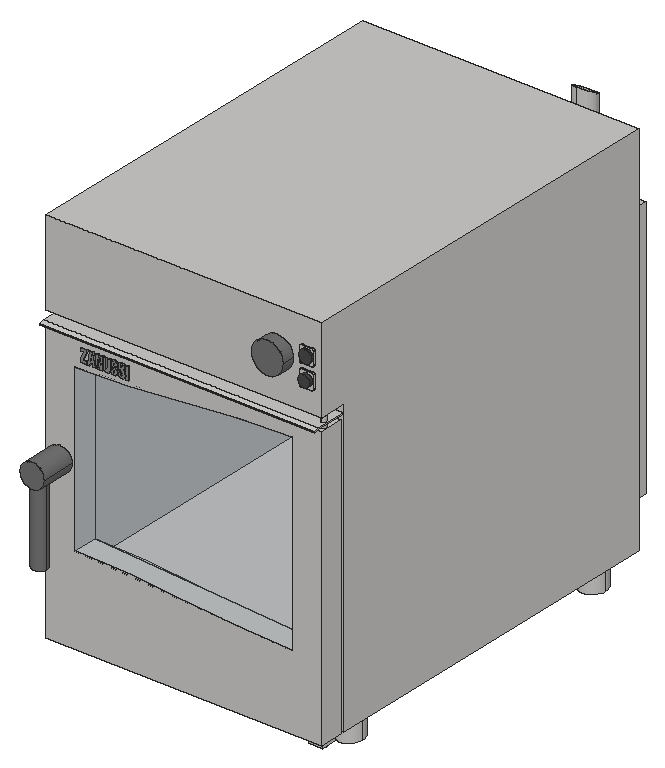
Revit family "QF_ZANUSSI_240009_ZCD061R", category Specialty Equipment, Revit 2018
Family settings
  Round Connector Dimension = Use Diameter
  Part Type = Normal
  Work Plane-Based = No
  Always vertical = Yes
  Cut with Voids When Loaded = No
  Shared = Yes
  Room Calculation Point = No
Parameters (values of type "268252_ELECTR. COMBI OVEN 10 GN1/1 B LW-400V MAR")
  Weight = 14.8137 lbm
  Watts = 0 W
  Volts = 380 V
  URL Manufacturer = "https://www.zanussiprofessional.com/"
  URL = "https://www.zanussiprofessional.com/"
  Steam Supply Size = 0"
  Steam Supply Minimum Pressure = 0.00 psi
  Steam Supply Maximum Pressure = 0.00 psi
  Steam Pounds per Hour = 0
  Show Logo [instance] = yes
  Refrigeration Suction Line Size = 0"
  Refrigeration Liquid Line Size = 0"
  Refrigerant Compressor Remote = yes
  Phase = 0
  Model = "ZCD061R"
  Manufacturer = "Zanussi"
  Length Actual = 519.00 mm  # constant formula
  Item Number = "240009"
  Hot Water Size = 3/4"
  Height Actual = 770.00 mm  # constant formula
  HP = "9.3 HP"
  Gas Size = 0"
  Gas KW = 0
  Gas Input Pressure = 0.0 Btu/h
  Direct Waste Size = 1.5748"
  Description = "COMPACT 6GN1/1 EL. DIGITAL OVEN - W/O CLEANING - RIGHT HINGED DOOR"
  Show Clearance [instance] = yes
  Depth Actual = 803.00 mm  # constant formula
  Cycle = 0 Hz
  Condensate Return Size = 0"
  Compressed Air Volume = 0 GPM
  Compressed Air Size = 0"
  Compressed Air Pressure = 0.00 psi
  Cold Water Size = 0"
  Assembly Code = ""
  Accessory = yes
Reference planes
  plane 1 "BACK": y = -93.694
  plane 2: z = 0
  plane 3 "LEFT": x = 197.931
  plane 4 "RIGHT": x = 717.531
  plane 5 "FRONT": y = -896.694
  plane 6 "TOP": z = 1670
  plane 7: z = 900
  plane 8: x = 457.731
  plane 9: y = -495.194
  plane 10: x = 247.731
  plane 11: x = 667.731
  plane 12: y = -195.694
  plane 13: y = -768.694
  plane 14: z = 997.5
Forms (mm)
  Extrusion 1, solid, material "QF_Finishes_Stainless Steel"
    sketch origin (992.981, 325.437, 900) x (-1, 0, 0) y (0, 0, -1)
      loop
        line (795.05, -609.932) -> (795.05, -56) -> (275.45, -56) -> (275.45, -609.932) -> (795.05, -609.932)
    from 474.534 to 1169.9
  Extrusion 2, solid, material "QF_Finishes_Stainless Steel"
    sketch origin (992.981, 325.437, 1000) x (-1, 0, 0) y (0, 0, -1)
      loop
        line (795.05, -670) -> (795.05, -510) -> (275.45, -510) -> (275.45, -670) -> (795.05, -670)
    from 474.534 to 1222.131
  Extrusion 3, solid, material "QF_Finishes_Stainless Steel"
    sketch origin (992.981, 385.437, 900) x (-1, 0, 0) y (0, 0, -1)
      loop
        line (763.47, -610) -> (763.47, -117) -> (307.03, -117) -> (307.03, -610) -> (763.47, -610)
    from 479.131 to 534.534
  Extrusion 4, solid, material "QF_Finishes_Stainless Steel"
    sketch origin (992.981, 285.437, 900) x (-1, 0, 0) y (0, 0, -1)
      loop
        line (795.05, -585) -> (795.05, -56) -> (275.45, -56) -> (275.45, -585) -> (795.05, -585)
      loop
        spline (740.697, -221.885) -> (706.434, -221.373) -> (672.172, -220.004) -> (637.91, -217.95) -> (603.649, -215.382) -> (569.387, -212.471) -> (535.127, -209.389) -> (500.866, -206.307) -> (466.604, -203.396) -> (432.343, -200.828) -> (398.081, -198.774) -> (363.819, -197.405) -> (329.556, -196.893)
        line (329.556, -196.893) -> (329.556, -557.832)
        spline (329.556, -557.832) -> (363.819, -557.32) -> (398.081, -555.951) -> (432.343, -553.897) -> (466.604, -551.329) -> (500.866, -548.418) -> (535.127, -545.336) -> (569.387, -542.254) -> (603.649, -539.343) -> (637.91, -536.775) -> (672.172, -534.72) -> (706.434, -533.352) -> (740.697, -532.84)
        line (740.697, -532.84) -> (740.697, -221.885)
    from 1135.685 to 1182.131
  Extrusion 5, solid, material "QF_Finishes_Stainless Steel"
    sketch origin (197.931, 0, 0) x (0, 1, 0) y (0, 0, 1)
      loop
        line (-844.463, 1493.212) -> (-844.463, 1495.222) -> (-901.849, 1495.222) -> (-911.508, 1491.664) -> (-910.849, 1489.825) -> (-901.466, 1493.212) -> (-844.463, 1493.212)
    from 0 to 519.16
  Extrusion 6, solid, material "QF_Finishes_Glass"
    sketch origin (1020.61, 285.437, 947.855) x (-1, 0, 0) y (0, 0, -1)
      loop
        spline (768.326, -174.03) -> (734.063, -173.518) -> (699.801, -172.149) -> (665.539, -170.095) -> (631.278, -167.527) -> (597.017, -164.616) -> (562.756, -161.534) -> (528.495, -158.451) -> (494.234, -155.541) -> (459.972, -152.972) -> (425.711, -150.918) -> (391.448, -149.55) -> (357.185, -149.038)
        line (357.185, -149.038) -> (357.185, -509.977)
        spline (357.185, -509.977) -> (391.448, -509.465) -> (425.711, -508.096) -> (459.972, -506.042) -> (494.234, -503.474) -> (528.495, -500.563) -> (562.756, -497.48) -> (597.017, -494.398) -> (631.278, -491.487) -> (665.539, -488.919) -> (699.801, -486.865) -> (734.063, -485.496) -> (768.326, -484.984)
        line (768.326, -484.984) -> (768.326, -174.03)
    from 1135.685 to 1182.131
  Extrusion 7, void
    sketch origin (992.981, -844.463, 900) x (1, 0, 0) y (0, 0, -1)
      loop
        line (-755.05, -176.885) -> (-755.05, -577.763) -> (-315.45, -577.763) -> (-315.45, -176.885) -> (-755.05, -176.885)
    from 0 to 630
  Extrusion 8, solid, material "QF_Finishes_Rubber Black"
    sketch origin (992.981, -896.694, 1000) x (-1, 0, 0) y (0, 0, -1)
      loop
        circle (358.271, -592.209) r 30
    from 1 to 23.539
  Extrusion 9, solid, material "QF_Finishes_Stainless Steel"
    sketch origin (992.981, -896.694, 1000) x (-1, 0, 0) y (0, 0, -1)
      loop
        arc (310.819, -621.611) -> (313.293, -620.586) -> (314.317, -618.113) r 3.498
        line (314.317, -618.113) -> (314.317, -594.14)
        arc (314.317, -594.14) -> (313.292, -591.665) -> (310.817, -590.64) r 3.5
        line (310.817, -590.64) -> (291.82, -590.64)
        arc (291.82, -590.64) -> (289.345, -591.665) -> (288.32, -594.14) r 3.5
        line (288.32, -594.14) -> (288.32, -618.111)
        arc (288.32, -618.111) -> (289.345, -620.586) -> (291.82, -621.611) r 3.5
        line (291.82, -621.611) -> (310.819, -621.611)
      loop
        arc (310.817, -581.609) -> (313.292, -580.584) -> (314.317, -578.109) r 3.5
        line (314.317, -578.109) -> (314.317, -554.138)
        arc (314.317, -554.138) -> (313.292, -551.664) -> (310.817, -550.638) r 3.5
        line (310.817, -550.638) -> (291.82, -550.638)
        arc (291.82, -550.638) -> (289.345, -551.664) -> (288.32, -554.138) r 3.5
        line (288.32, -554.138) -> (288.32, -578.109)
        arc (288.32, -578.109) -> (289.345, -580.584) -> (291.82, -581.609) r 3.5
        line (291.82, -581.609) -> (310.817, -581.609)
    from 0 to 2.938
  Extrusion 10, solid, material "QF_Finishes_Black"
    sketch origin (992.981, -899.632, 1000) x (-1, 0, 0) y (0, 0, -1)
      loop
        circle (301.32, -606.126) r 12.303
    from 0 to 2.998
  Extrusion 11, solid, material "QF_Finishes_Black"
    sketch origin (992.981, -899.632, 1000) x (-1, 0, 0) y (0, 0, -1)
      loop
        circle (301.319, -566.124) r 11.113
    from 0 to 5.997
  Extrusion 12, solid, material "QF_Finishes_Stainless Steel"
    sketch origin (992.981, -149.096, 900) x (1, 0, 0) y (0, 0, -1)
      loop
        circle (-755.05, -649) r 14.886
    from 0 to 29
  Revolve 13, solid, material "QF_Finishes_Stainless Steel"
    sketch origin (593.311, -76.243, 1219.2) x (0, 1, 0) y (0, 0, 1)
      loop
        line (-64.458, 299.515) -> (-69.467, 299.515) -> (-69.467, 296.517) -> (-65.763, 296.517) -> (-69.294, 290.8) -> (-44.475, 290.8) -> (-44.475, 299.515) -> (-61.458, 299.515) -> (-61.458, 472.713) -> (-64.458, 472.713) -> (-64.458, 299.515)
      axis (-44.475, 290.8) -> (-44.475, 472.713)
    angle from 0 to 360
  Extrusion 14, void
    sketch origin (593.311, -76.243, 1219.2) x (0, -1, 0) y (0, 0, 1)
      loop
        line (64.458, 472.713) -> (24.492, 472.713) -> (24.492, 449.608) -> (64.458, 472.713)
    from -26.679 to 26.627
  Extrusion 15, solid, material "QF_Finishes_Stainless Steel"
    sketch origin (992.981, -149.096, 900) x (1, 0, 0) y (0, 0, -1)
      loop
        line (-298.761, -696.707) -> (-298.761, -620.937) -> (-503.318, -620.937) -> (-503.318, -696.707) -> (-298.761, -696.707)
    from 0 to 12.487
  Extrusion 16, solid, material "QF_Finishes_Stainless Steel"
    sketch origin (229.511, 385.437, 1017) x (0, -1, 0) y (-1, 0, 0)
      loop
        circle (500.131, -268.42) r 15
    from 0 to 19.537
  Extrusion 17, solid, material "QF_Door-Drawer Clearances", visible <- "Show Clearance", detail levels coarse
    sketch origin (0, 0, 0) x (1, 0, 0) y (0, 1, 0)
      loop
        line (717.531, -896.694) -> (197.931, -896.694)
        arc (197.931, -896.694) -> (372.847, -1219.99) -> (717.531, -1347.694) r 521.696
        line (717.531, -1347.694) -> (717.531, -896.694)
    from 956 to 1485
  Extrusion 18, solid, material "QF_Finishes_Rubber Black"
    sketch origin (-77.519, -896.694, 900) x (1, 0, 0) y (0, 0, 1)
      loop
        circle (301.755, 366.761) r 22.998
    from 0 to 65
  Extrusion 19, solid, material "QF_Finishes_Rubber Black"
    sketch origin (915.462, 0, 0) x (-1, 0, 0) y (0, -1, 0)
      loop
        circle (691.226, 944.148) r 14
    from 1105.756 to 1264.985
  Extrusion 20, solid, material "QF_Finishes_Stainless Steel"
    sketch origin (717.311, 325.437, 956) x (0, 1, 0) y (1, 0, 0)
      loop
        line (-1113.369, -77.066) -> (-1113.369, -69.925)
        arc (-1113.369, -69.925) -> (-1122.131, -49.58) -> (-1113.369, -29.235) r 28
        line (-1113.369, -29.235) -> (-1113.369, -17.065) -> (-1172.348, -17.065) -> (-1188.327, -1.085) -> (-1218.346, -1.085) -> (-1218.346, -26.095) -> (-1167.374, -77.066) -> (-1113.369, -77.066)
      loop
        circle (-1206.361, -8.07) r 5
    from 3.018 to 7.039
  Extrusion 21, solid, material "QF_Finishes_Stainless Steel"
    sketch origin (717.311, 325.437, 952.982) x (0, 1, 0) y (-1, 0, 0)
      loop
        line (-1113.369, 17.065) -> (-1113.369, 29.235)
        arc (-1113.369, 29.235) -> (-1122.131, 49.58) -> (-1113.369, 69.925) r 28
        line (-1113.369, 69.925) -> (-1113.369, 77.066) -> (-1153.603, 77.066) -> (-1153.603, 17.065) -> (-1113.369, 17.065)
    from 0 to 3.018
  Extrusion 22, solid, material "QF_Finishes_Stainless Steel"
    sketch origin (717.311, 325.437, 948.961) x (-1, 0, 0) y (0, 1, 0)
      loop
        circle (8.07, -1206.361) r 5
    from 2.998 to -7.02
  Extrusion 23, solid, material "QF_Finishes_Stainless Steel"
    sketch origin (717.311, 325.437, 948.961) x (-1, 0, 0) y (0, 1, 0)
      loop
        circle (8.07, -1206.361) r 5
    from -536.039 to -554.057
Cuts and joins
  Extrusion 7 cuts Extrusion 1
  Extrusion 7 cuts Extrusion 2
  Extrusion 7 cuts Extrusion 3
  Extrusion 14 cuts Revolve 13
  joined: Extrusion 1, Extrusion 2, Extrusion 3, Extrusion 12, Revolve 13, Extrusion 15, Extrusion 16
  Extrusion 7 cuts Extrusion 5
  joined: Extrusion 5, Extrusion 23
  joined: Extrusion 20, Extrusion 21, Extrusion 22
Lines and regions (mm)
  Split face 1
    outline origin (197.931, -896.694, 1510) x (1, 0, 0) y (0, 0, 1)
      loop
        line (51.284, 107.422) -> (51.284, 42.422)
        spline (51.284, 42.422) -> (86.037, 41.932) -> (120.789, 40.573) -> (155.542, 38.518) -> (190.295, 35.943) -> (225.047, 33.019) -> (259.8, 29.922) -> (294.553, 26.825) -> (329.305, 23.902) -> (364.058, 21.326) -> (398.811, 19.271) -> (433.563, 17.912) -> (468.316, 17.422)
        line (468.316, 17.422) -> (468.316, 132.422)
        spline (468.316, 132.422) -> (433.563, 131.932) -> (398.811, 130.573) -> (364.058, 128.518) -> (329.305, 125.943) -> (294.553, 123.019) -> (259.8, 119.922) -> (225.047, 116.825) -> (190.295, 113.902) -> (155.542, 111.326) -> (120.789, 109.271) -> (86.037, 107.912) -> (51.284, 107.422)
  Split face 2
    outline origin (197.931, -896.694, 1510) x (1, 0, 0) y (0, 0, 1)
      loop
        circle (63.101, 95.424) r 9.198
  Split face 3
    outline origin (197.931, -896.694, 1510) x (1, 0, 0) y (0, 0, 1)
      loop
        circle (63.101, 62.436) r 9.198
  Split face 4
    outline origin (197.931, -896.694, 1510) x (1, 0, 0) y (0, 0, 1)
      loop
        circle (96.101, 62.436) r 9.198
  Split face 5
    outline origin (197.931, -896.694, 1510) x (1, 0, 0) y (0, 0, 1)
      loop
        circle (129.101, 62.436) r 9.198
  Split face 6
    outline origin (197.931, -896.694, 1510) x (1, 0, 0) y (0, 0, 1)
      loop
        circle (162.101, 62.436) r 9.198
  Split face 7
    outline origin (197.931, -896.694, 1510) x (1, 0, 0) y (0, 0, 1)
      loop
        circle (195.101, 62.436) r 9.198
  Split face 8
    outline origin (197.931, -896.694, 1510) x (1, 0, 0) y (0, 0, 1)
      loop
        circle (228.101, 62.436) r 9.198
  Split face 9
    outline origin (197.931, -896.694, 1510) x (1, 0, 0) y (0, 0, 1)
      loop
        circle (261.541, 62.436) r 9.198
  Split face 10
    outline origin (197.931, -896.694, 1510) x (1, 0, 0) y (0, 0, 1)
      loop
        circle (294.541, 62.436) r 9.198
  Split face 11
    outline origin (197.931, -896.694, 1510) x (1, 0, 0) y (0, 0, 1)
      loop
        circle (327.541, 62.436) r 9.198
  Split face 12
    outline origin (197.931, -896.694, 1510) x (1, 0, 0) y (0, 0, 1)
      loop
        circle (360.541, 62.436) r 9.198
  Split face 13
    outline origin (197.931, -896.694, 1510) x (1, 0, 0) y (0, 0, 1)
      loop
        circle (393.541, 62.436) r 9.198
  Split face 14
    outline origin (197.931, -896.694, 1510) x (1, 0, 0) y (0, 0, 1)
      loop
        line (96.224, 102.157) -> (93.931, 88.647) -> (128.923, 88.647) -> (131.216, 102.157) -> (96.224, 102.157)
  Split face 15
    outline origin (197.931, -896.694, 1510) x (1, 0, 0) y (0, 0, 1)
      loop
        line (162.187, 102.157) -> (159.859, 88.647) -> (194.887, 88.647) -> (197.179, 102.157) -> (162.187, 102.157)
  Split face 16
    outline origin (197.931, -896.694, 1510) x (1, 0, 0) y (0, 0, 1)
      loop
        line (275.03, 103.462) -> (214.005, 103.462) -> (214.005, 87.377) -> (275.03, 87.377) -> (275.03, 103.462)
  Split face 17
    outline origin (197.931, -896.694, 1510) x (1, 0, 0) y (0, 0, 1)
      loop
        line (280.444, 103.462) -> (280.444, 87.377) -> (341.469, 87.377) -> (341.469, 103.462) -> (280.444, 103.462)
  Split face 18
    outline origin (197.931, -896.694, 1510) x (1, 0, 0) y (0, 0, 1)
      loop
        circle (360.541, 95.424) r 9.198
  Split face 19
    outline origin (197.931, -896.694, 1510) x (1, 0, 0) y (0, 0, 1)
      loop
        circle (393.541, 95.424) r 9.198
  Split face 20
    outline origin (197.931, -896.694, 1510) x (1, 0, 0) y (0, 0, 1)
      loop
        line (51.284, 42.422) -> (51.284, 37.422)
        spline (51.284, 37.422) -> (86.037, 36.932) -> (120.789, 35.573) -> (155.542, 33.518) -> (190.295, 30.943) -> (225.047, 28.019) -> (259.8, 24.922) -> (294.553, 21.825) -> (329.305, 18.902) -> (364.058, 16.326) -> (398.811, 14.271) -> (433.563, 12.912) -> (468.316, 12.422)
        line (468.316, 12.422) -> (468.316, 17.422)
        spline (468.316, 17.422) -> (433.563, 17.912) -> (398.811, 19.271) -> (364.058, 21.326) -> (329.305, 23.902) -> (294.553, 26.825) -> (259.8, 29.922) -> (225.047, 33.019) -> (190.295, 35.943) -> (155.542, 38.518) -> (120.789, 40.573) -> (86.037, 41.932) -> (51.284, 42.422)
  Split face 21
    outline origin (197.931, -896.694, 1510) x (1, 0, 0) y (0, 0, 1)
      loop
        line (51.284, 37.422) -> (51.284, 7.422) -> (468.316, 7.422) -> (468.316, 12.422)
        spline (468.316, 12.422) -> (433.563, 12.912) -> (398.811, 14.271) -> (364.058, 16.326) -> (329.305, 18.902) -> (294.553, 21.825) -> (259.8, 24.922) -> (225.047, 28.019) -> (190.295, 30.943) -> (155.542, 33.518) -> (120.789, 35.573) -> (86.037, 36.932) -> (51.284, 37.422)
  Split face 22
    outline origin (992.981, -896.694, 900) x (-1, 0, 0) y (0, 0, 1)
      loop
        spline (329.556, 557.832) -> (363.819, 557.32) -> (398.081, 555.951) -> (432.343, 553.897) -> (466.604, 551.329) -> (500.866, 548.418) -> (535.127, 545.336) -> (569.387, 542.254) -> (603.649, 539.343) -> (637.91, 536.775) -> (672.172, 534.72) -> (706.434, 533.352) -> (740.697, 532.84)
        line (740.697, 532.84) -> (740.697, 577.832) -> (329.556, 577.832) -> (329.556, 557.832)
  Split face 23
    outline origin (992.981, -896.694, 900) x (-1, 0, 0) y (0, 0, 1)
      loop
        line (740.697, 201.885) -> (740.697, 221.885)
        spline (740.697, 221.885) -> (706.434, 221.373) -> (672.172, 220.004) -> (637.91, 217.95) -> (603.649, 215.382) -> (569.387, 212.471) -> (535.127, 209.389) -> (500.866, 206.307) -> (466.604, 203.396) -> (432.343, 200.828) -> (398.081, 198.774) -> (363.819, 197.405) -> (329.556, 196.893)
        line (329.556, 196.893) -> (329.556, 176.893)
        spline (329.556, 176.893) -> (363.819, 177.405) -> (398.081, 178.774) -> (432.343, 180.828) -> (466.604, 183.396) -> (500.866, 186.307) -> (535.127, 189.389) -> (569.387, 192.471) -> (603.649, 195.382) -> (637.91, 197.95) -> (672.172, 200.004) -> (706.434, 201.373) -> (740.697, 201.885)
  symbolic lines
    curve 1: line (197.931, -149.096, 0) -> (717.531, -149.096, 0)
    curve 2: line (197.931, -896.694, 0) -> (197.931, -149.096, 0)
    curve 3: line (717.531, -896.694, 0) -> (197.931, -896.694, 0)
    curve 4: line (717.531, -149.096, 0) -> (717.531, -896.694, 0)
    curve 5: line (604.71, -920.232, 0) -> (664.71, -920.232, 0)
    curve 6: line (604.71, -896.694, 0) -> (604.71, -920.232, 0)
    curve 7: line (664.71, -920.232, 0) -> (664.71, -896.694, 0)
    curve 8: line (678.664, -899.632, 0) -> (678.664, -896.694, 0)
    curve 9: line (704.661, -896.694, 0) -> (704.661, -899.632, 0)
    curve 10: line (680.549, -905.629, 0) -> (702.776, -905.629, 0)
    curve 11: line (680.549, -902.63, 0) -> (680.549, -905.629, 0)
    curve 12: line (702.776, -905.629, 0) -> (702.776, -902.63, 0)
    curve 13: line (679.358, -899.632, 0) -> (679.358, -902.63, 0)
    curve 14: line (703.965, -902.63, 0) -> (703.965, -899.632, 0)
    curve 15: line (223.045, -120.096, 0) -> (252.817, -120.096, 0)
    curve 16: line (223.045, -149.096, 0) -> (223.045, -120.096, 0)
    curve 17: line (252.817, -120.096, 0) -> (252.817, -149.096, 0)
    curve 18: line (229.511, -93.694, 0) -> (229.511, -120.096, 0)
    curve 19: line (229.511, -93.694, 0) -> (685.951, -93.694, 0)
    curve 20: line (685.951, -93.694, 0) -> (685.951, -136.609, 0)
    curve 21: line (694.22, -136.609, 0) -> (694.22, -149.096, 0)
    curve 22: line (694.22, -136.609, 0) -> (605.647, -136.609, 0)
    curve 23: line (581.195, -136.609, 0) -> (489.663, -136.609, 0)
    curve 24: line (489.663, -136.609, 0) -> (489.663, -149.096, 0)
    curve 25: line (678.664, -899.632, 0) -> (704.661, -899.632, 0)
    curve 26: line (679.358, -902.63, 0) -> (703.965, -902.63, 0)
    curve 30: line (247.235, -961.694, 0) -> (201.238, -961.694, 0)
    curve 31: line (247.235, -896.694, 0) -> (247.235, -961.694, 0)
    curve 32: line (201.238, -961.694, 0) -> (201.238, -896.694, 0)
  symbolic lines, style "QF_Door Swings", visible <- "Show Clearance", detail levels coarse
    curve 27: line (717.531, -896.694, 0) -> (717.531, -1347.694, 0)
    curve 28: arc (717.531, -1347.694, 0) -> (398.732, -1240.915, 0) -> (211.461, -961.694, 0) r 521.192
    curve 29: line (682.531, -896.694, 0) -> (682.531, -1346.7, 0)
  symbolic lines, style "QF_Door Swings"
    curve 33: arc (201.238, -917.797, 0) -> (199.477, -907.262, 0) -> (197.931, -896.694, 0) r 521.628
  model lines
    curve 34: line (249.215, -896.694, 1617.422) -> (249.215, -896.694, 1517.422)
    curve 35: line (249.215, -896.694, 1517.422) -> (666.247, -896.694, 1517.422)
    curve 36: line (666.247, -896.694, 1642.422) -> (666.247, -896.694, 1517.422)
    curve 37: line (249.215, -896.694, 1617.422) -> (666.247, -896.694, 1642.422)
  symbolic lines, style "SpecialityEquipment"
    curve 38: arc (574.022, -136.609, 0) -> (593.311, -95.726, 0) -> (612.6, -136.609, 0) r 24.992
    curve 39: circle (593.311, -120.718, 0) r 19.983 normal (0, 0, -1)
    curve 40: circle (593.311, -120.718, 0) r 16.983 normal (0, 0, -1)
Dimensions and locks
  plane 3 "LEFT" to plane 4 "RIGHT" = 519.60 mm
  plane 5 "FRONT" to plane 1 "BACK" = 803.00 mm
  plane 4 "RIGHT" to plane 3 "LEFT" = 519.60 mm
  equal spacing: plane 3 "LEFT", plane 8, plane 4 "RIGHT"
  equal spacing: plane 5 "FRONT", plane 9, plane 1 "BACK"
  locked: plane 10 to plane 3 "LEFT" at 49.8
  locked: plane 4 "RIGHT" to plane 11 at 49.8
  plane 1 "BACK" to plane 12 to plane 13 = 102.00 mm locked, 573.00 mm locked
  Extrusion 12 sketch curve to plane 3 "LEFT" = 40.00 mm
  Extrusion 12 sketch curve to plane 7 = 649.00 mm
  plane 3 "LEFT" to Extrusion 16 sketch curve = 300.00 mm
  Extrusion 16 sketch curve to plane 1 "BACK" = 21.00 mm
  aligned and locked: level to plane 2
  aligned and locked: Extrusion 1 to plane 3 "LEFT"
  aligned and locked: plane 4 "RIGHT" to Extrusion 1
  aligned and locked: plane 10 to nested 1
  aligned and locked: plane 10 to nested 4
  aligned and locked: plane 11 to nested 2
  aligned and locked: plane 11 to nested 3
  aligned and locked: plane 12 to nested 4
  aligned and locked: plane 12 to nested 3
  aligned and locked: plane 13 to nested 1
  aligned and locked: plane 13 to nested 2
  aligned and locked: plane 7 to nested 4  (x3)
  aligned and locked: plane 7 to nested 3  (x2)
  aligned and locked: plane 7 to nested 1  (x2)
  aligned and locked: plane 7 to nested 2
Automatic sketch dimensions
  Extrusion 3 sketch curve to plane 11 = 18.22 mm
  plane 10 to Extrusion 3 sketch curve = 18.22 mm
  Extrusion 3 sketch curve to plane 14 = 19.50 mm
  plane 6 "TOP" to Extrusion 3 sketch curve = 160.00 mm
  plane 5 "FRONT" to Extrusion 5 sketch curve = 14.815 mm
  Extrusion 5 sketch curve to Extrusion 5 sketch curve = 0.659 mm
  plane 5 "FRONT" to Extrusion 5 sketch curve = 5.155 mm
  Extrusion 5 sketch curve to Extrusion 5 sketch curve = 0.383 mm
  Extrusion 5 sketch curve to plane 5 "FRONT" = 52.231 mm
  Extrusion 5 sketch curve to plane 6 "TOP" = 180.175 mm
  Extrusion 5 sketch curve to Extrusion 5 sketch curve = 1.838 mm
  Extrusion 5 sketch curve to Extrusion 5 sketch curve = 3.386 mm
  Extrusion 5 sketch curve to Extrusion 5 sketch curve = 2.011 mm
  Revolve 13 sketch curve to plane 12 = 49.984 mm
  Revolve 13 sketch curve to Revolve 13 sketch curve = 0.173 mm
  Revolve 13 sketch curve to Revolve 13 sketch curve = 3.704 mm
  plane 6 "TOP" to Revolve 13 sketch curve = 21.913 mm
  plane 1 "BACK" to Revolve 13 sketch curve = 47.007 mm
  Revolve 13 sketch curve to Revolve 13 sketch curve = 3.00 mm
  Revolve 13 sketch curve to Revolve 13 sketch curve = 16.983 mm
  Revolve 13 sketch curve to plane 6 "TOP" = 151.285 mm
  Revolve 13 sketch curve to Revolve 13 sketch curve = 0.00 mm  (x3)
  Revolve 13 sketch curve to Revolve 13 sketch curve = 2.998 mm
  Revolve 13 sketch curve to Revolve 13 sketch curve = 8.715 mm
  Revolve 13 sketch curve to Revolve 13 sketch curve = 25.00 mm
  Extrusion 14 sketch curve to plane 6 "TOP" = 1.192 mm
  plane 1 "BACK" to Extrusion 14 sketch curve = 7.041 mm
  Extrusion 14 sketch curve to Extrusion 14 sketch curve = 39.966 mm
  plane 6 "TOP" to Extrusion 14 sketch curve = 21.913 mm
  Extrusion 18 sketch curve to plane 10 = 23.495 mm
  plane 14 to Extrusion 18 sketch curve = 269.261 mm
  Extrusion 19 sketch curve to plane 10 = 23.495 mm
  plane 5 "FRONT" to Extrusion 19 sketch curve = 47.454 mm
  Extrusion 1 sketch curve to plane 4 "RIGHT" = 0.00 mm
  Extrusion 1 sketch curve to plane 3 "LEFT" = 0.00 mm
  plane 14 to Extrusion 1 sketch curve = 41.50 mm
  plane 6 "TOP" to Extrusion 1 sketch curve = 160.068 mm
  Extrusion 2 sketch curve to plane 4 "RIGHT" = 0.00 mm
  Extrusion 2 sketch curve to plane 3 "LEFT" = 0.00 mm
  Extrusion 2 sketch curve to plane 6 "TOP" = 0.00 mm
  plane 6 "TOP" to Extrusion 2 sketch curve = 160.00 mm
  Extrusion 7 sketch curve to Extrusion 1 = 40.00 mm  (x2)
  Extrusion 7 sketch curve to Extrusion 1 = 120.885 mm
  Extrusion 7 sketch curve to Extrusion 1 = 32.168 mm
  Split face 2 sketch curve to cut or joined group 1 (Extrusion 1, Extrusion 2, Extrusion 3, Extrusion 7, Extrusion 12, Revolve 13, Extrusion 14, Extrusion 15, Extrusion 16) = 63.101 mm
  Split face 2 sketch curve to cut or joined group 1 = 64.576 mm
  Split face 3 sketch curve to cut or joined group 1 = 63.101 mm
  Split face 3 sketch curve to cut or joined group 1 = 62.436 mm
  Split face 4 sketch curve to cut or joined group 1 = 96.101 mm
  Split face 4 sketch curve to cut or joined group 1 = 62.436 mm
  Split face 5 sketch curve to cut or joined group 1 = 62.436 mm
  Split face 5 sketch curve to cut or joined group 1 = 129.101 mm
  Split face 6 sketch curve to cut or joined group 1 = 62.436 mm
  Split face 6 sketch curve to cut or joined group 1 = 162.101 mm
  Split face 7 sketch curve to cut or joined group 1 = 62.436 mm
  Split face 7 sketch curve to cut or joined group 1 = 195.101 mm
  Split face 8 sketch curve to cut or joined group 1 = 62.436 mm
  Split face 8 sketch curve to cut or joined group 1 = 228.101 mm
  Split face 9 sketch curve to cut or joined group 1 = 62.436 mm
  Split face 9 sketch curve to cut or joined group 1 = 258.059 mm
  Split face 10 sketch curve to cut or joined group 1 = 62.436 mm
  Split face 10 sketch curve to cut or joined group 1 = 225.059 mm
  Split face 11 sketch curve to cut or joined group 1 = 62.436 mm
  Split face 11 sketch curve to cut or joined group 1 = 192.059 mm
  Split face 12 sketch curve to cut or joined group 1 = 62.436 mm
  Split face 12 sketch curve to cut or joined group 1 = 159.059 mm
  Split face 13 sketch curve to cut or joined group 1 = 62.436 mm
  Split face 13 sketch curve to cut or joined group 1 = 126.059 mm
  Split face 14 sketch curve to cut or joined group 1 = 93.931 mm
  Split face 14 sketch curve to Split face 14 sketch curve = 2.293 mm  (x2)
  Split face 14 sketch curve to Split face 14 sketch curve = 34.992 mm
  Split face 14 sketch curve to cut or joined group 1 = 57.843 mm
  Split face 14 sketch curve to Split face 14 sketch curve = 13.51 mm
  Split face 15 sketch curve to cut or joined group 1 = 71.353 mm
  Split face 15 sketch curve to cut or joined group 1 = 159.859 mm
  Split face 15 sketch curve to Split face 15 sketch curve = 2.328 mm
  Split face 15 sketch curve to Split face 15 sketch curve = 35.028 mm
  Split face 15 sketch curve to cut or joined group 1 = 57.843 mm
  Split face 15 sketch curve to Split face 15 sketch curve = 2.293 mm
  Split face 16 sketch curve to cut or joined group 1 = 56.538 mm
  Split face 16 sketch curve to cut or joined group 1 = 214.005 mm
  Split face 16 sketch curve to Split face 16 sketch curve = 61.025 mm
  Split face 16 sketch curve to Split face 16 sketch curve = 16.085 mm
  Split face 17 sketch curve to cut or joined group 1 = 72.623 mm
  Split face 17 sketch curve to cut or joined group 1 = 239.156 mm
  Split face 17 sketch curve to Split face 17 sketch curve = 61.025 mm
  Split face 17 sketch curve to Split face 17 sketch curve = 16.085 mm
  Split face 18 sketch curve to cut or joined group 1 = 64.576 mm
  Split face 18 sketch curve to cut or joined group 1 = 159.059 mm
  Split face 19 sketch curve to cut or joined group 1 = 126.059 mm
  Split face 19 sketch curve to cut or joined group 1 = 64.576 mm
  Extrusion 2 to Extrusion 8 sketch curve = 82.821 mm
  Extrusion 2 to Extrusion 8 sketch curve = 77.791 mm
  Extrusion 2 to Extrusion 9 sketch curve = 12.87 mm  (x2)
  Extrusion 9 sketch curve to Extrusion 9 sketch curve = 3.50 mm  (x5)
  Extrusion 9 sketch curve to Extrusion 9 sketch curve = 18.997 mm  (x2)
  Extrusion 9 sketch curve to Extrusion 9 sketch curve = 0.00 mm
  Extrusion 9 sketch curve to Extrusion 9 sketch curve = 18.999 mm
  Extrusion 9 sketch curve to Extrusion 9 sketch curve = 3.498 mm
  Extrusion 2 to Extrusion 9 sketch curve = 40.638 mm
  Extrusion 9 sketch curve to Extrusion 9 sketch curve = 23.971 mm  (x2)
  Extrusion 9 sketch curve to Extrusion 9 sketch curve = 9.03 mm
  Extrusion 9 to Extrusion 10 sketch curve = 12.998 mm
  Extrusion 9 to Extrusion 10 sketch curve = 15.485 mm
  Extrusion 9 to Extrusion 11 sketch curve = 12.999 mm
  Extrusion 9 to Extrusion 11 sketch curve = 15.486 mm
  Extrusion 15 sketch curve to Extrusion 1 = 86.775 mm
  Extrusion 1 to Extrusion 15 sketch curve = 227.868 mm
  Extrusion 15 sketch curve to Extrusion 1 = 11.006 mm
  Extrusion 1 to Extrusion 15 sketch curve = 23.311 mm
  Extrusion 17 sketch curve to plane 3 "LEFT" = 0.00 mm
  Extrusion 17 sketch curve to plane 4 "RIGHT" = 0.00 mm
  plane 5 "FRONT" to Extrusion 17 sketch curve = 0.00 mm
  Extrusion 17 sketch curve to plane 4 "RIGHT" = 2.716 mm
  plane 5 "FRONT" to Extrusion 17 sketch curve = 451.00 mm
  Extrusion 20 sketch curve to plane 11 = 0.00 mm
  plane 13 to Extrusion 20 sketch curve = 0.00 mm
  plane 13 to Extrusion 20 sketch curve = 19.238 mm  (x2)
  Extrusion 20 sketch curve to Extrusion 20 sketch curve = 54.005 mm
  Extrusion 20 sketch curve to plane 4 "RIGHT" = 17.285 mm
  Extrusion 20 sketch curve to plane 5 "FRONT" = 49.783 mm
  Extrusion 20 sketch curve to plane 4 "RIGHT" = 1.305 mm
  Extrusion 20 sketch curve to Extrusion 20 sketch curve = 15.979 mm
  Extrusion 20 sketch curve to plane 5 "FRONT" = 15.77 mm
  Extrusion 20 sketch curve to plane 5 "FRONT" = 3.785 mm
  Extrusion 20 sketch curve to plane 4 "RIGHT" = 8.29 mm
  Extrusion 20 sketch curve to Extrusion 20 sketch curve = 18.025 mm
  Extrusion 20 sketch curve to Extrusion 20 sketch curve = 12.171 mm
  Extrusion 20 sketch curve to Extrusion 20 sketch curve = 7.142 mm
  Extrusion 21 sketch curve to Extrusion 20 = 0.00 mm  (x4)
  Extrusion 21 sketch curve to Extrusion 20 = 40.234 mm
  plane 10 to curve 34 = 1.484 mm
  curve 36 to plane 11 = 1.484 mm
  curve 34 to plane 6 "TOP" = 152.578 mm
  curve 37 to plane 6 "TOP" = 52.578 mm
  curve 37 to plane 6 "TOP" = 27.578 mm
  Split face 1 sketch curve to cut or joined group 1 = 51.284 mm  (x2)
  Split face 1 sketch curve to cut or joined group 1 = 52.578 mm
  Split face 1 sketch curve to cut or joined group 1 = 27.578 mm
  Split face 1 sketch curve to cut or joined group 1 = 42.422 mm
  Split face 1 sketch curve to cut or joined group 1 = 17.422 mm
  Split face 20 sketch curve to cut or joined group 1 = 51.284 mm  (x2)
  Split face 20 sketch curve to cut or joined group 1 = 37.422 mm
  Split face 20 sketch curve to Split face 20 sketch curve = 5.00 mm
  Split face 20 sketch curve to cut or joined group 1 = 12.422 mm
  Split face 20 sketch curve to cut or joined group 1 = 17.422 mm
  Split face 21 sketch curve to cut or joined group 1 = 7.422 mm
  Split face 21 sketch curve to cut or joined group 1 = 51.284 mm  (x2)
  Split face 21 sketch curve to Split face 21 sketch curve = 5.00 mm
  Split face 21 sketch curve to Split face 21 sketch curve = 30.00 mm
  Extrusion 4 to Split face 22 sketch curve = 0.00 mm  (x2)
  Split face 22 sketch curve to Extrusion 4 = 7.168 mm
  Split face 22 sketch curve to Split face 22 sketch curve = 20.00 mm
  Split face 22 sketch curve to Split face 22 sketch curve = 44.992 mm
  plane 11 to Extrusion 6 sketch curve = 4.306 mm
  Extrusion 6 sketch curve to plane 10 = 4.553 mm
  Extrusion 6 sketch curve to plane 14 = 124.385 mm
  plane 6 "TOP" to Extrusion 6 sketch curve = 237.16 mm
  plane 6 "TOP" to Extrusion 6 sketch curve = 212.168 mm
  Extrusion 6 sketch curve to plane 14 = 99.393 mm
  Extrusion 4 sketch curve to plane 4 "RIGHT" = 0.00 mm
  Extrusion 4 sketch curve to plane 3 "LEFT" = 0.00 mm
  plane 11 to Extrusion 4 sketch curve = 4.306 mm
  plane 14 to Extrusion 4 sketch curve = 41.50 mm
  Extrusion 4 sketch curve to plane 14 = 124.385 mm
  plane 6 "TOP" to Extrusion 4 sketch curve = 237.16 mm
  plane 6 "TOP" to Extrusion 4 sketch curve = 212.168 mm
  Extrusion 4 sketch curve to Extrusion 4 sketch curve = 52.16 mm
  Extrusion 4 sketch curve to plane 14 = 99.393 mm
  Extrusion 4 sketch curve to plane 10 = 4.553 mm
  Split face 23 sketch curve to Extrusion 4 = 0.00 mm  (x2)
  Split face 23 sketch curve to Extrusion 4 = 120.893 mm
  Split face 23 sketch curve to Split face 23 sketch curve = 20.00 mm  (x2)
  Split face 23 sketch curve to Extrusion 4 = 145.885 mm
  curve 28 to curve 33 = 0.00 mm  (x2)
  curve 38 to curve 39 = 0.00 mm  (x2)
  curve 38 to curve 40 = 0.00 mm  (x2)
  curve 39 to curve 40 = 0.00 mm  (x2)
  curve 33 to plane 3 "LEFT" = 0.00 mm
  plane 5 "FRONT" to curve 32 = 0.00 mm
  plane 1 "BACK" to curve 18 = 0.00 mm
  curve 1 to plane 4 "RIGHT" = 0.00 mm
  plane 3 "LEFT" to curve 32 = 3.307 mm
  curve 16 to plane 10 = 24.686 mm
  curve 18 to plane 10 = 18.22 mm
  curve 31 to plane 10 = 0.496 mm
  plane 10 to curve 17 = 5.086 mm
  plane 8 to curve 23 = 31.932 mm
  plane 1 "BACK" to curve 39 = 27.024 mm
  curve 39 to plane 11 = 74.42 mm
  plane 5 "FRONT" to curve 5 = 23.539 mm
  curve 5 to plane 11 = 63.021 mm
  curve 7 to plane 11 = 3.021 mm
  plane 5 "FRONT" to curve 8 = 2.938 mm
  plane 11 to curve 8 = 10.933 mm
  curve 8 to curve 26 = 0.695 mm
  curve 13 to curve 10 = 1.191 mm
  plane 11 to curve 19 = 18.22 mm
  curve 20 to curve 22 = 8.269 mm
  curve 12 to plane 4 "RIGHT" = 14.755 mm
  curve 12 to curve 14 = 1.189 mm
  curve 14 to curve 25 = 0.697 mm
  curve 33 to plane 4 "RIGHT" = 2.716 mm
  curve 30 to curve 32 = 65.00 mm
  curve 27 to curve 5 = 427.461 mm
  curve 10 to curve 14 = 5.997 mm
  curve 14 to curve 14 = 2.998 mm
  plane 13 to curve 28 = 57.816 mm
  curve 2 to plane 12 = 46.598 mm
  curve 24 to curve 24 = 12.487 mm
  curve 21 to curve 22 = 12.487 mm
  plane 1 "BACK" to curve 15 = 26.402 mm
  curve 38 to curve 38 = 19.289 mm
  curve 38 to curve 23 = 7.173 mm
  curve 22 to curve 38 = 6.953 mm
  plane 11 to curve 29 = 14.80 mm
  radius of Extrusion 18 sketch curve = 22.998 mm
  radius of Extrusion 19 sketch curve = 14.00 mm
  radius of Split face 2 sketch curve = 9.198 mm
  radius of Split face 3 sketch curve = 9.198 mm
  radius of Split face 4 sketch curve = 9.198 mm
  radius of Split face 5 sketch curve = 9.198 mm
  radius of Split face 6 sketch curve = 9.198 mm
  radius of Split face 7 sketch curve = 9.198 mm
  radius of Split face 8 sketch curve = 9.198 mm
  radius of Split face 9 sketch curve = 9.198 mm
  radius of Split face 10 sketch curve = 9.198 mm
  radius of Split face 11 sketch curve = 9.198 mm
  radius of Split face 12 sketch curve = 9.198 mm
  radius of Split face 13 sketch curve = 9.198 mm
  radius of Split face 18 sketch curve = 9.198 mm
  radius of Split face 19 sketch curve = 9.198 mm
  radius of Extrusion 8 sketch curve = 30.00 mm
  radius of Extrusion 10 sketch curve = 12.303 mm
  radius of Extrusion 11 sketch curve = 11.113 mm
  radius of Extrusion 12 sketch curve = 14.886 mm
  radius of Extrusion 16 sketch curve = 15.00 mm
  radius of Extrusion 20 sketch curve = 5.00 mm
  radius of Extrusion 21 sketch curve to Extrusion 20 = 0.00 mm
  radius of Extrusion 22 sketch curve to Extrusion 20 = 0.00 mm
  radius of Extrusion 23 sketch curve to Extrusion 20 = 0.00 mm
  radius of curve 40 = 16.983 mm
Nested families
  nested 1: "Foot_Ø50" at (247.731, -768.694, 900), type "Foot_Ø50"
    with H 56.00 mm
  nested 2: "Foot_Ø50" at (667.731, -768.694, 900), type "Foot_Ø50"
    with H 56.00 mm
  nested 3: "Foot_Ø50" at (667.731, -195.694, 900), type "Foot_Ø50"
    with H 56.00 mm
  nested 4: "Foot_Ø50" at (247.731, -195.694, 900), type "Foot_Ø50"
    with H 56.00 mm
  nested 5: "ZAN_Logo_S_Grey" at (309.435, -896.694, 1457.422) x (1, 0, 0) z (0, -1, 0), visible <- "Show Logo", type "ZAN_Logo_S_Grey"
Connectors
  electrical at (237.931, -120.096, 1549), driven by "Volts"
    settings: on cut or joined group 1, index 1, voltage 380 V, apparent load 0 VA, apparent load phase1 0 VA, apparent load phase2 0 VA, apparent load phase3 0 VA, power factor 1, load classification "Altro", number of poles 1, system type 30, power factor state 1, is connector primary yes, connector utility no, sub classification motor no, connector description "Electrical Connection"
  piping at (497.931, -114.694, 997.463), diameter 30
    settings: on cut or joined group 1, index 2, connector inside diameter 24", connector length 0.00 mm, flow factor 0, pipe flow 0 GPM, pressure drop 0.00 psi, fitting loss kfactor 0, connector angle 0.00°, fixture units 0, engagement length 0.00 mm, angle of deflection 0.00°, flow configuration 1, flow direction 1, fitting loss method 0, system type 20, joint type 0, gender type 0, connector reference index -1, connector utility 0, adjustable connector no, is connector primary yes, connector description "Cold Water Inlet"
Definition of nested family "Foot_Ø50"
  Parameters
    H [instance] = 50.00 mm
  Reference planes
    plane 1 "Centro (Fronte/Retro)": y = 0
    plane 2: z = 0
    plane 3 "Centro (Sinistra/Destra)": x = 0
    plane 4: z = 50
  Forms (mm)
    Revolve 1, solid
      sketch origin (255.05, 0, 608.09) x (0, 0, 1) y (-1, 0, 0)
        loop
          line (-608.09, 255.05) -> (-608.09, 230.05) -> (-558.09, 230.05) -> (-558.09, 255.05) -> (-608.09, 255.05)
        axis (-608.09, 255.05) -> (-558.09, 255.05)
      angle from 0 to 360
  Dimensions and locks
    "H": plane 4 to plane 2
    aligned and locked: level to plane 2
    aligned and locked: plane 4 to Revolve 1 sketch curve
    aligned and locked: Revolve 1 sketch curve to level
    aligned and locked: plane 3 "Centro (Sinistra/Destra)" to Revolve 1 sketch curve
  Automatic sketch dimensions
    Revolve 1 sketch curve to plane 3 "Centro (Sinistra/Destra)" = 0.00 mm
    plane 4 to Revolve 1 sketch curve = 50.00 mm
    Revolve 1 sketch curve to Revolve 1 sketch curve = 20.00 mm
    plane 3 "Centro (Sinistra/Destra)" to Revolve 1 sketch curve = 25.00 mm
Definition of nested family "ZAN_Logo_S_Grey"
  Parameters
    Default Elevation = 0.00 mm
  Reference planes
    plane 1 "Centro (Fronte/Retro)": y = 0
    plane 2: z = 0
    plane 3 "Centro (Sinistra/Destra)": x = 0
  Forms (mm)
    Extrusion 1, solid
      sketch origin (0, 0, 0) x (1, 0, 0) y (0, 1, 0)
        loop
          line (-1219.2, 1219.2) -> (-1219.2, -1219.2) -> (1219.2, -1219.2) -> (1219.2, 1219.2) -> (-1219.2, 1219.2)
      from 0 to -304.8
    Extrusion 2, solid
      sketch origin (17.793, -46.218, 0) x (-1, 0, 0) y (0, -1, 0)
        loop
          spline (-4.176, -58.079) -> (-3.496, -58.328) -> (-2.793, -58.512) -> (-2.075, -58.63) -> (-1.348, -58.682) -> (-0.619, -58.669) -> (0.106, -58.588) -> (0.818, -58.44) -> (1.512, -58.225) -> (2.18, -57.941) -> (2.817, -57.589) -> (3.414, -57.167) -> (3.966, -56.676)
          spline (3.966, -56.676) -> (4.293, -56.162) -> (4.575, -55.61) -> (4.81, -55.026) -> (5, -54.419) -> (5.146, -53.797) -> (5.247, -53.166) -> (5.304, -52.536) -> (5.318, -51.913) -> (5.288, -51.306) -> (5.217, -50.723) -> (5.103, -50.17) -> (4.949, -49.657)
          line (4.949, -49.657) -> (2.702, -46.428) -> (0.316, -44.323)
          spline (0.316, -44.323) -> (0.065, -44.115) -> (-0.195, -43.909) -> (-0.46, -43.704) -> (-0.729, -43.496) -> (-0.997, -43.282) -> (-1.263, -43.059) -> (-1.523, -42.825) -> (-1.774, -42.576) -> (-2.013, -42.309) -> (-2.238, -42.022) -> (-2.445, -41.712) -> (-2.632, -41.375)
          spline (-2.632, -41.375) -> (-2.666, -41.159) -> (-2.697, -40.934) -> (-2.722, -40.701) -> (-2.736, -40.465) -> (-2.736, -40.227) -> (-2.72, -39.989) -> (-2.682, -39.754) -> (-2.621, -39.524) -> (-2.533, -39.302) -> (-2.414, -39.091) -> (-2.261, -38.892) -> (-2.07, -38.708)
          line (-2.07, -38.708) -> (-0.245, -38.567)
          spline (-0.245, -38.567) -> (0.096, -38.8) -> (0.354, -39.074) -> (0.54, -39.381) -> (0.664, -39.716) -> (0.738, -40.073) -> (0.772, -40.445) -> (0.777, -40.825) -> (0.763, -41.208) -> (0.742, -41.588) -> (0.723, -41.957) -> (0.718, -42.309) -> (0.737, -42.638)
          line (0.737, -42.638) -> (5.65, -42.638)
          spline (5.65, -42.638) -> (5.708, -42.042) -> (5.741, -41.448) -> (5.747, -40.857) -> (5.723, -40.273) -> (5.668, -39.696) -> (5.58, -39.129) -> (5.457, -38.574) -> (5.297, -38.032) -> (5.098, -37.506) -> (4.857, -36.997) -> (4.574, -36.508) -> (4.247, -36.041)
          spline (4.247, -36.041) -> (3.844, -35.675) -> (3.409, -35.35) -> (2.946, -35.065) -> (2.458, -34.819) -> (1.949, -34.612) -> (1.421, -34.444) -> (0.88, -34.314) -> (0.326, -34.221) -> (-0.234, -34.165) -> (-0.8, -34.146) -> (-1.366, -34.163) -> (-1.93, -34.216)
          spline (-1.93, -34.216) -> (-2.526, -34.309) -> (-3.116, -34.448) -> (-3.695, -34.633) -> (-4.259, -34.861) -> (-4.801, -35.131) -> (-5.316, -35.444) -> (-5.799, -35.798) -> (-6.245, -36.191) -> (-6.648, -36.624) -> (-7.002, -37.095) -> (-7.303, -37.603) -> (-7.545, -38.146)
          spline (-7.545, -38.146) -> (-7.694, -38.815) -> (-7.792, -39.487) -> (-7.839, -40.158) -> (-7.836, -40.824) -> (-7.785, -41.482) -> (-7.685, -42.129) -> (-7.539, -42.762) -> (-7.347, -43.377) -> (-7.111, -43.97) -> (-6.83, -44.538) -> (-6.506, -45.078) -> (-6.141, -45.586)
          line (-6.141, -45.586) -> (-0.526, -50.64) -> (0.176, -51.482)
          spline (0.176, -51.482) -> (0.248, -51.66) -> (0.323, -51.843) -> (0.397, -52.03) -> (0.467, -52.22) -> (0.529, -52.412) -> (0.579, -52.605) -> (0.615, -52.798) -> (0.633, -52.989) -> (0.63, -53.179) -> (0.601, -53.366) -> (0.545, -53.55) -> (0.456, -53.728)
          spline (0.456, -53.728) -> (0.375, -53.892) -> (0.273, -54.034) -> (0.154, -54.155) -> (0.02, -54.258) -> (-0.126, -54.343) -> (-0.28, -54.412) -> (-0.441, -54.466) -> (-0.604, -54.508) -> (-0.767, -54.537) -> (-0.928, -54.556) -> (-1.082, -54.567) -> (-1.228, -54.57)
          line (-1.228, -54.57) -> (-2.632, -53.587) -> (-2.772, -50.64) -> (-7.405, -50.64)
          spline (-7.405, -50.64) -> (-7.41, -51.031) -> (-7.423, -51.432) -> (-7.44, -51.839) -> (-7.456, -52.251) -> (-7.469, -52.665) -> (-7.475, -53.079) -> (-7.468, -53.489) -> (-7.446, -53.894) -> (-7.404, -54.291) -> (-7.339, -54.679) -> (-7.247, -55.053) -> (-7.123, -55.412)
          spline (-7.123, -55.412) -> (-6.999, -55.693) -> (-6.837, -55.97) -> (-6.643, -56.244) -> (-6.422, -56.509) -> (-6.177, -56.765) -> (-5.913, -57.009) -> (-5.634, -57.238) -> (-5.346, -57.45) -> (-5.051, -57.643) -> (-4.755, -57.814) -> (-4.462, -57.96) -> (-4.176, -58.079)
        loop
          spline (-21.021, -55.552) -> (-20.633, -56.181) -> (-20.177, -56.736) -> (-19.661, -57.217) -> (-19.092, -57.627) -> (-18.478, -57.966) -> (-17.827, -58.237) -> (-17.147, -58.441) -> (-16.446, -58.578) -> (-15.73, -58.652) -> (-15.009, -58.662) -> (-14.29, -58.611) -> (-13.581, -58.5)
          spline (-13.581, -58.5) -> (-13.088, -58.407) -> (-12.595, -58.269) -> (-12.109, -58.088) -> (-11.636, -57.866) -> (-11.183, -57.605) -> (-10.756, -57.307) -> (-10.361, -56.974) -> (-10.004, -56.608) -> (-9.692, -56.211) -> (-9.431, -55.784) -> (-9.228, -55.33) -> (-9.089, -54.851)
          spline (-9.089, -54.851) -> (-8.873, -54.211) -> (-8.715, -53.559) -> (-8.615, -52.901) -> (-8.574, -52.241) -> (-8.592, -51.585) -> (-8.668, -50.938) -> (-8.802, -50.306) -> (-8.995, -49.693) -> (-9.247, -49.106) -> (-9.557, -48.55) -> (-9.925, -48.03) -> (-10.352, -47.551)
          line (-10.352, -47.551) -> (-15.546, -42.919) -> (-16.669, -41.234)
          spline (-16.669, -41.234) -> (-16.704, -41.021) -> (-16.735, -40.804) -> (-16.761, -40.583) -> (-16.778, -40.361) -> (-16.784, -40.139) -> (-16.774, -39.919) -> (-16.748, -39.701) -> (-16.7, -39.488) -> (-16.63, -39.28) -> (-16.533, -39.08) -> (-16.406, -38.889) -> (-16.248, -38.708)
          line (-16.248, -38.708) -> (-14.844, -38.427)
          spline (-14.844, -38.427) -> (-14.347, -38.545) -> (-13.969, -38.749) -> (-13.695, -39.028) -> (-13.508, -39.368) -> (-13.393, -39.757) -> (-13.335, -40.182) -> (-13.318, -40.63) -> (-13.326, -41.089) -> (-13.344, -41.546) -> (-13.356, -41.988) -> (-13.347, -42.403) -> (-13.3, -42.779)
          line (-13.3, -42.779) -> (-8.387, -42.638)
          spline (-8.387, -42.638) -> (-8.326, -42.034) -> (-8.288, -41.417) -> (-8.277, -40.794) -> (-8.299, -40.169) -> (-8.357, -39.548) -> (-8.457, -38.936) -> (-8.604, -38.339) -> (-8.803, -37.762) -> (-9.058, -37.21) -> (-9.375, -36.689) -> (-9.758, -36.204) -> (-10.212, -35.76)
          spline (-10.212, -35.76) -> (-10.793, -35.336) -> (-11.409, -34.976) -> (-12.054, -34.679) -> (-12.723, -34.445) -> (-13.409, -34.273) -> (-14.107, -34.163) -> (-14.811, -34.115) -> (-15.515, -34.127) -> (-16.213, -34.2) -> (-16.899, -34.333) -> (-17.568, -34.526) -> (-18.213, -34.777)
          spline (-18.213, -34.777) -> (-18.496, -34.897) -> (-18.783, -35.044) -> (-19.071, -35.216) -> (-19.357, -35.412) -> (-19.639, -35.629) -> (-19.915, -35.865) -> (-20.182, -36.119) -> (-20.438, -36.389) -> (-20.681, -36.672) -> (-20.907, -36.967) -> (-21.115, -37.272) -> (-21.301, -37.585)
          spline (-21.301, -37.585) -> (-21.55, -38.26) -> (-21.734, -38.948) -> (-21.854, -39.647) -> (-21.91, -40.351) -> (-21.901, -41.057) -> (-21.828, -41.761) -> (-21.69, -42.459) -> (-21.489, -43.148) -> (-21.222, -43.823) -> (-20.892, -44.48) -> (-20.497, -45.116) -> (-20.038, -45.726)
          line (-20.038, -45.726) -> (-14.142, -51.061) -> (-13.44, -52.886) -> (-14.002, -54.289) -> (-15.265, -54.57) -> (-16.669, -53.587) -> (-16.81, -50.78) -> (-21.582, -50.64)
          spline (-21.582, -50.64) -> (-21.558, -51.063) -> (-21.55, -51.491) -> (-21.554, -51.92) -> (-21.561, -52.35) -> (-21.567, -52.778) -> (-21.565, -53.201) -> (-21.547, -53.619) -> (-21.509, -54.029) -> (-21.444, -54.43) -> (-21.345, -54.818) -> (-21.206, -55.193) -> (-21.021, -55.552)
        loop
          line (-22.424, -34.216) -> (-27.337, -34.216) -> (-27.337, -58.22) -> (-22.424, -58.22) -> (-22.424, -34.216)
        loop
          line (14.213, -39.971) -> (14.213, -58.22) -> (19.126, -58.22) -> (19.126, -42.077) -> (18.845, -38.146) -> (18.424, -37.164) -> (17.442, -35.9) -> (16.459, -35.199) -> (14.494, -34.356) -> (13.511, -34.216) -> (11.265, -34.216) -> (10.142, -34.497) -> (8.458, -35.479) -> (6.493, -38.287) -> (6.352, -39.269) -> (6.352, -58.22) -> (11.265, -58.22) -> (11.265, -40.392) -> (11.827, -39.129) -> (13.371, -38.988) -> (14.213, -39.971)
        loop
          line (20.249, -58.22) -> (24.741, -58.22) -> (24.741, -42.919) -> (28.812, -58.22) -> (34.006, -58.22) -> (34.006, -34.216) -> (29.654, -34.216) -> (29.654, -50.078) -> (25.583, -34.216) -> (20.249, -34.216) -> (20.249, -58.22)
        loop
          line (50.149, -58.22) -> (62.361, -58.22) -> (62.361, -53.728) -> (55.904, -53.868) -> (62.923, -39.129) -> (62.923, -34.216) -> (50.149, -34.216) -> (50.149, -39.129) -> (57.517, -39.129) -> (50.149, -54.149) -> (50.149, -58.22)
        loop
          line (38.778, -58.22) -> (45.516, -58.22) -> (49.868, -34.216) -> (44.814, -34.216) -> (44.113, -38.848) -> (40.042, -38.848) -> (39.34, -34.216) -> (34.286, -34.216) -> (38.778, -58.22)
        loop
          line (43.551, -43.2) -> (40.744, -43.2) -> (42.147, -54.117) -> (43.551, -43.2)
      from 0 to 1.644
  Dimensions and locks
    aligned and locked: plane 2 to Extrusion 1
    aligned and locked: level to Extrusion 1
